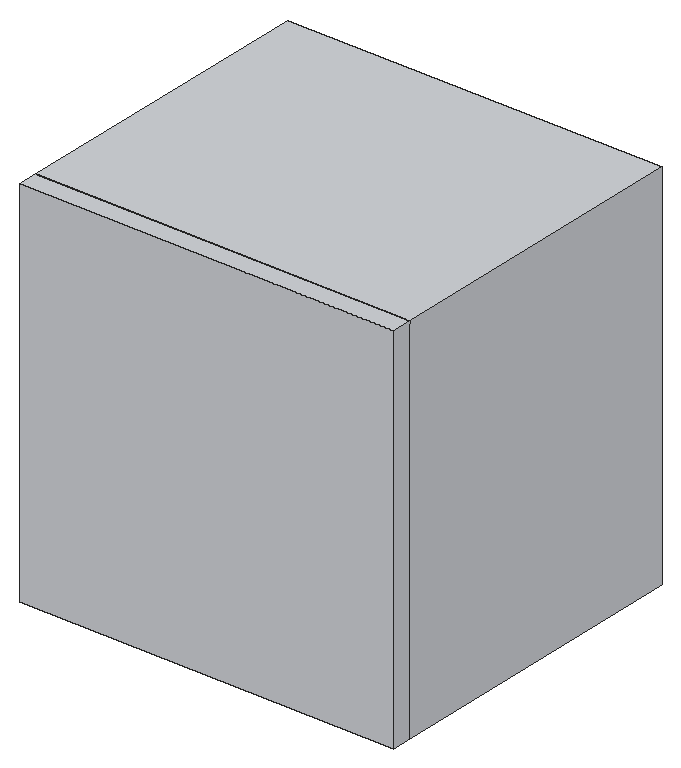
Revit family "Box", category Casework, Revit 2024
Family settings
  Work Plane-Based = No
  Always vertical = Yes
  Cut with Voids When Loaded = No
  Shared = No
  Room Calculation Point = No
Parameters
  Width_Yaxis [instance] = 500 mm
  Width_Xaxis [instance] = 500 mm
  Width1 [instance] = 500 mm
  Panel_Width [instance] = 30 mm
  Default Elevation = 0 mm
  BackPanel_Width [instance] = 30 mm
Reference planes
  plane 1 "Back": y = 0
  plane 2: z = 0
  plane 3 "Center (Left/Right)": x = 0
  plane 4: x = 560
  plane 5: z = 560
  plane 6: z = 530
  plane 7: x = 530
  plane 8: x = 30
  plane 9: z = 30
  plane 10: y = 500
  plane 11: y = 30
Forms (mm)
  Extrusion 1, solid
    sketch origin (0, 0, 0) x (1, 0, 0) y (0, 0, 1)
      loop
        line (0, 560) -> (0, 0) -> (560, 0) -> (560, 560) -> (0, 560)
      loop
        line (30, 530) -> (30, 30) -> (530, 30) -> (530, 530) -> (30, 530)
    from -30 to -500
  Extrusion 2, solid
    sketch origin (0, 0, 0) x (1, 0, 0) y (0, 0, 1)
      loop
        line (0, 560) -> (0, 0) -> (560, 0) -> (560, 560) -> (0, 560)
    from 0 to -30
Dimensions and locks
  "Panel_Width": plane 5 to plane 6
  "Panel_Width": plane 9 to level
  "Panel_Width": plane 8 to plane 3 "Center (Left/Right)"
  "Panel_Width": plane 4 to plane 7
  "Width1": plane 10 to plane 1 "Back"
  "Width_Xaxis": plane 7 to plane 8
  "Width_Yaxis": plane 6 to plane 9
  "BackPanel_Width": plane 11 to plane 1 "Back"
  aligned and locked: level to plane 2
  aligned and locked: Extrusion 1 sketch curve to plane 5
  aligned and locked: plane 3 "Center (Left/Right)" to Extrusion 1 sketch curve
  aligned and locked: plane 2 to Extrusion 1 sketch curve
  aligned and locked: Extrusion 1 sketch curve to plane 4
  aligned and locked: Extrusion 1 sketch curve to plane 6
  aligned and locked: plane 8 to Extrusion 1 sketch curve
  aligned and locked: plane 9 to Extrusion 1 sketch curve
  aligned and locked: Extrusion 1 sketch curve to plane 7
  aligned and locked: plane 10 to Extrusion 1
  aligned and locked: plane 11 to Extrusion 1
  aligned and locked: Extrusion 2 sketch curve to Extrusion 1  (x4)
  aligned and locked: Extrusion 2 to plane 1 "Back"
  aligned and locked: Extrusion 2 to plane 11
